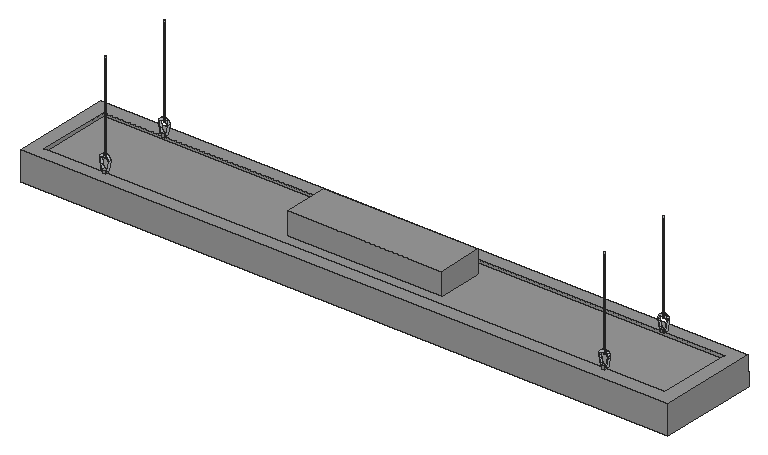
Revit family "HEFTY_4000K_11400LM_92W", category Lighting Fixtures, host Ceiling, Revit 2021
Family settings
  Host = Ceiling
  Round Connector Dimension = Use Diameter
  Part Type = Normal
  OmniClass Number = 23.80.70.11
  OmniClass Title = Luminaries for Internal Lighting
  Always vertical = Yes
  Cut with Voids When Loaded = No
  Light Source = Yes
  Shared = No
  Room Calculation Point = No
Parameters (values of type "Type 1")
  Wattage = 76.746 W
  built-in parameter 1150110 = 1 (stored number, unit not read)
  Type de lampe = "LED Mid Power"
  Type = "Luminaire industriel"
  built-in parameter 1114217 = 1 (stored number, unit not read)
  Tilt Angle = 90.00°
  Tension = "AC 220-240V"
  built-in parameter 1150109 = 1 (stored number, unit not read)
  built-in parameter 1150134 = 12
  built-in parameter 1150113 = 1 (stored number, unit not read)
  SDCM = "<3"
  Puissance nominale = "92W"
  Poids = "6 kg"
  Photometric Web File = "google_eulumdat_converter (6).ies"
  Matériau = "Acier galvanisé blanc"
  Maintien du flux = "L80B10 (50 000 heures)"
  Lumens = 11400 lm
  built-in parameter 1150115 = 1 (stored number, unit not read)
  built-in parameter 1150105 = 907.18 (stored number, unit not read)
  built-in parameter 1150137 = (empty or 0)
  built-in parameter 1150139 = (empty or 0)
  built-in parameter 1150112 = 1 (stored number, unit not read)
  built-in parameter 1150114 = 1 (stored number, unit not read)
  built-in parameter 1150132 = 2
  built-in parameter 1150102 = (empty or 0)
  built-in parameter 1150138 = (empty or 0)
  built-in parameter 1150107 = 4000 (stored number, unit not read)
  built-in parameter 1150106 = 9.0718 (stored number, unit not read)
  IRC = ">80"
  Emit from Rectangle Width = 609.6 mm
  Emit from Rectangle Length = 1219.2 mm
  Emit Shape Visible in Rendering = no
  built-in parameter 1150104 = 13.8 (stored number, unit not read)
  Durée de vie = "50 000 heures"
  Driver = "Driver Osram"
  Dimming Lamp Color Temperature Shift = <None>
  Dimensions = "1220x190x90 mm"
  Diffuseur = "Polycarbonate  prismatique UGR<22"
  Default Elevation = 0 mm
  Color Filter = 16777215
  built-in parameter 1114218 = 1 (stored number, unit not read)
  built-in parameter 1150133 = 10 (stored number, unit not read)
  Angle d'éclairage = "35°"
Reference planes
  plane 1 "Light Source Axis (F/B)": y = 0
  plane 2: z = 0
  plane 3 "Light Source Axis (L/R)": x = 0
  plane 4 "Ceiling": z = 4000
  plane 5 "Light Source Elevation": z = 3750
Forms (mm)
  Extrusion 1, solid, material "Steel, Galvanized"
    sketch origin (0, 0, 4000) x (0, 1, 0) y (-1, 0, 0)
      loop
        line (95, 610) -> (-95, 610) -> (-95, -610) -> (95, -610) -> (95, 610)
      loop
        line (70, 585) -> (-70, 585) -> (-70, -585) -> (70, -585) -> (70, 585)
    from -250 to -196.102
  Extrusion 2, solid, material "Steel, Galvanized"
    sketch origin (0, 0, 4000) x (0, 1, 0) y (-1, 0, 0)
      loop
        line (70, 585) -> (-70, 585) -> (-70, -585) -> (70, -585) -> (70, 585)
    from -201.474 to -207.22
  Extrusion 3, solid, material "Steel, Galvanized"
    sketch origin (0, 0, 4000) x (0, 1, 0) y (-1, 0, 0)
      loop
        line (43.191, 147.964) -> (-41.809, 147.964) -> (-41.809, -142.036) -> (43.191, -142.036) -> (43.191, 147.964)
    from -207.22 to -160
  Extrusion 4, solid, material "Steel, Galvanized"
    sketch origin (195.234, -0.407, 4000) x (0, -1, 0) y (1, 0, 0)
      loop
        line (71.862, 277.481) -> (66.862, 277.481) -> (66.862, 272.481) -> (71.862, 272.481) -> (71.862, 277.481)
    from -196.102 to -190.59
  Extrusion 5, solid
    sketch origin (195.234, -0.407, 0) x (-1, 0, 0) y (0, 0, -1)
      loop
        line (-273.652, -3806.915) -> (-276.521, -3806.915) -> (-281.412, -3807.954) -> (-284.54, -3827.708)
        arc (-284.54, -3827.708) -> (-274.506, -3835.045) -> (-266.484, -3825.549) r 9.115
        line (-266.484, -3825.549) -> (-270.251, -3807.826) -> (-273.652, -3806.915)
      loop
        line (-274.011, -3807.991) -> (-276.306, -3807.991) -> (-279.848, -3808.744) -> (-282.81, -3827.45)
        arc (-282.81, -3827.45) -> (-274.423, -3831.527) -> (-267.537, -3825.237) r 8.303
        line (-267.537, -3825.237) -> (-271.034, -3808.788) -> (-274.011, -3807.991)
    from 67.418 to 71.074
  Extrusion 6, solid, material "Glass, White, High Luminance"
    sketch origin (0, 0, 4000) x (0, 1, 0) y (-1, 0, 0)
      loop
        line (70, 585) -> (-70, 585) -> (-70, -585) -> (70, -585) -> (70, 585)
    from -250 to -245.079
  Extrusion 7, solid
    sketch origin (195.234, -0.407, 4000) x (0, -1, 0) y (1, 0, 0)
      loop
        circle (68.947, 275) r 1.348
    from -170.446 to 0
  Extrusion 8, solid, material "Steel, Galvanized"
    sketch origin (195.234, 0.407, 4000) x (0, -1, 0) y (1, 0, 0)
      loop
        line (-71.862, 277.481) -> (-71.862, 272.481) -> (-66.862, 272.481) -> (-66.862, 277.481) -> (-71.862, 277.481)
    from -196.102 to -190.59
  Extrusion 9, solid
    sketch origin (195.234, 0.407, 0) x (-1, 0, 0) y (0, 0, 1)
      loop
        line (-273.652, 3806.915) -> (-270.251, 3807.826) -> (-266.484, 3825.549)
        arc (-266.484, 3825.549) -> (-274.506, 3835.045) -> (-284.54, 3827.708) r 9.115
        line (-284.54, 3827.708) -> (-281.412, 3807.954) -> (-276.521, 3806.915) -> (-273.652, 3806.915)
      loop
        line (-274.011, 3807.991) -> (-271.034, 3808.788) -> (-267.537, 3825.237)
        arc (-267.537, 3825.237) -> (-274.423, 3831.527) -> (-282.81, 3827.45) r 8.303
        line (-282.81, 3827.45) -> (-279.848, 3808.744) -> (-276.306, 3807.991) -> (-274.011, 3807.991)
    from 67.418 to 71.074
  Extrusion 10, solid
    sketch origin (195.234, 0.407, 4000) x (0, -1, 0) y (1, 0, 0)
      loop
        circle (-68.947, 275) r 1.348
    from -170.446 to 0
  Extrusion 11, solid, material "Steel, Galvanized"
    sketch origin (-195.234, 0.407, 4000) x (0, 1, 0) y (-1, 0, 0)
      loop
        line (71.862, 277.481) -> (66.862, 277.481) -> (66.862, 272.481) -> (71.862, 272.481) -> (71.862, 277.481)
    from -196.102 to -190.59
  Extrusion 12, solid
    sketch origin (-195.234, 0.407, 0) x (1, 0, 0) y (0, 0, -1)
      loop
        line (-273.652, -3806.915) -> (-276.521, -3806.915) -> (-281.412, -3807.954) -> (-284.54, -3827.708)
        arc (-284.54, -3827.708) -> (-274.506, -3835.045) -> (-266.484, -3825.549) r 9.115
        line (-266.484, -3825.549) -> (-270.251, -3807.826) -> (-273.652, -3806.915)
      loop
        line (-274.011, -3807.991) -> (-276.306, -3807.991) -> (-279.848, -3808.744) -> (-282.81, -3827.45)
        arc (-282.81, -3827.45) -> (-274.423, -3831.527) -> (-267.537, -3825.237) r 8.303
        line (-267.537, -3825.237) -> (-271.034, -3808.788) -> (-274.011, -3807.991)
    from 67.418 to 71.074
  Extrusion 13, solid
    sketch origin (-195.234, 0.407, 4000) x (0, 1, 0) y (-1, 0, 0)
      loop
        circle (68.947, 275) r 1.348
    from -170.446 to 0
  Extrusion 14, solid, material "Steel, Galvanized"
    sketch origin (-195.234, -0.407, 4000) x (0, 1, 0) y (-1, 0, 0)
      loop
        line (-71.862, 277.481) -> (-71.862, 272.481) -> (-66.862, 272.481) -> (-66.862, 277.481) -> (-71.862, 277.481)
    from -196.102 to -190.59
  Extrusion 15, solid
    sketch origin (-195.234, -0.407, 0) x (1, 0, 0) y (0, 0, 1)
      loop
        line (-273.652, 3806.915) -> (-270.251, 3807.826) -> (-266.484, 3825.549)
        arc (-266.484, 3825.549) -> (-274.506, 3835.045) -> (-284.54, 3827.708) r 9.115
        line (-284.54, 3827.708) -> (-281.412, 3807.954) -> (-276.521, 3806.915) -> (-273.652, 3806.915)
      loop
        line (-274.011, 3807.991) -> (-271.034, 3808.788) -> (-267.537, 3825.237)
        arc (-267.537, 3825.237) -> (-274.423, 3831.527) -> (-282.81, 3827.45) r 8.303
        line (-282.81, 3827.45) -> (-279.848, 3808.744) -> (-276.306, 3807.991) -> (-274.011, 3807.991)
    from 67.418 to 71.074
  Extrusion 16, solid
    sketch origin (-195.234, -0.407, 4000) x (0, 1, 0) y (-1, 0, 0)
      loop
        circle (-68.947, 275) r 1.348
    from -170.446 to 0
Lines and regions (mm)
  reference lines
    curve 1: line (0, 0, 4000) -> (325, 0, 4000)
    curve 2: line (0, 0, 4000) -> (-325, 0, 4000)
    curve 3: line (-325, 0, 4000) -> (-325, 95, 4000)
    curve 4: line (-325, 95, 4000) -> (325, 95, 4000)
    curve 5: line (325, 95, 4000) -> (325, -95, 4000)
    curve 6: line (325, -95, 4000) -> (-325, -95, 4000)
    curve 7: line (-325, -95, 4000) -> (-325, 0, 4000)
    curve 8: line (0, 0, 4000) -> (225, 0, 4000)
    curve 9: line (225, 0, 4000) -> (225, -70, 4000)
    curve 10: line (225, -70, 4000) -> (-275, -70, 4000)
    curve 11: line (-275, 70, 4000) -> (225, 70, 4000)
    curve 12: line (-325, 0, 4000) -> (-300, 0, 4000)
    curve 13: line (-300, 0, 4000) -> (-300, 5, 4000)
    curve 14: line (325, 0, 4000) -> (300, 0, 4000)
    curve 15: line (0, 0, 3750) -> (0, 0, 3840)
    curve 16: line (0, 0, 4000) -> (610, 0, 4000)
    curve 17: line (610, 0, 4000) -> (610, 25, 4000)
    curve 18: line (0, 0, 4000) -> (-610, 0, 4000)
    curve 19: line (0, -70, 4000) -> (470, -70, 4000)
    curve 20: line (470, -70, 4000) -> (470, -55, 4000)
Dimensions and locks
  equal spacing: host sketch curve, plane 3 "Light Source Axis (L/R)", host sketch curve
  equal spacing: host sketch curve, plane 1 "Light Source Axis (F/B)", host sketch curve
  host sketch curve to host sketch curve = 4000 mm  (x2)
  plane 4 "Ceiling" to host ceiling = 0 mm
  aligned and locked: plane 3 "Light Source Axis (L/R)" to imposter light
  aligned and locked: plane 1 "Light Source Axis (F/B)" to imposter light
  aligned and locked: plane 5 "Light Source Elevation" to imposter light
